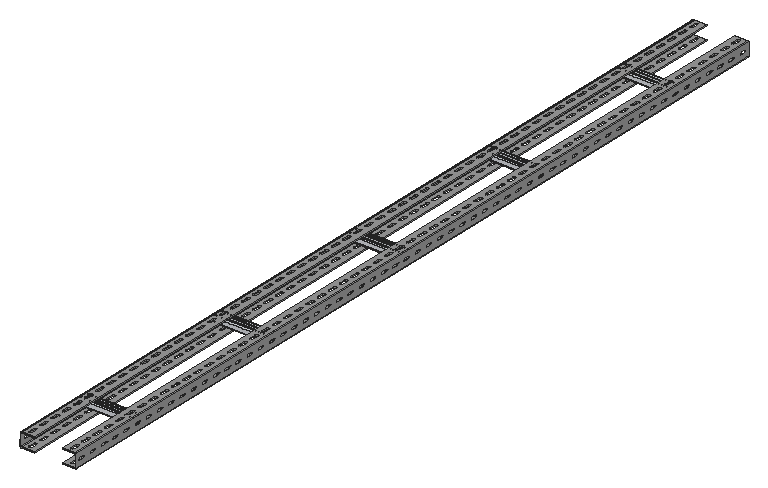
Revit family "steigeleiter_2_FT_FTSO_FTK_A2_A4.200rfa", category Generic Models, Revit 2017 (continued)
Automatic sketch dimensions
  Extrusion 233 sketch curve to Extrusion 233 sketch curve = 19 mm
  Extrusion 234 sketch curve to Extrusion 234 sketch curve = 19 mm
  Extrusion 235 sketch curve to Extrusion 235 sketch curve = 19 mm
  Extrusion 236 sketch curve to Extrusion 236 sketch curve = 19 mm
  Extrusion 237 sketch curve to Extrusion 237 sketch curve = 19 mm
  Extrusion 238 sketch curve to Extrusion 238 sketch curve = 19 mm
  Extrusion 239 sketch curve to Extrusion 239 sketch curve = 19 mm
  Extrusion 240 sketch curve to Extrusion 240 sketch curve = 19 mm
  Extrusion 241 sketch curve to Extrusion 241 sketch curve = 19 mm
  Extrusion 242 sketch curve to Extrusion 242 sketch curve = 19 mm
  Extrusion 243 sketch curve to Extrusion 243 sketch curve = 19 mm
  Extrusion 244 sketch curve to Extrusion 244 sketch curve = 19 mm
  Extrusion 245 sketch curve to Extrusion 245 sketch curve = 19 mm
  Extrusion 246 sketch curve to Extrusion 246 sketch curve = 19 mm
  Extrusion 247 sketch curve to Extrusion 247 sketch curve = 19 mm
  Extrusion 248 sketch curve to Extrusion 248 sketch curve = 19 mm
  Extrusion 249 sketch curve to Extrusion 249 sketch curve = 19 mm
  Extrusion 250 sketch curve to Extrusion 250 sketch curve = 19 mm
  Extrusion 251 sketch curve to Extrusion 251 sketch curve = 19 mm
  Extrusion 252 sketch curve to Extrusion 252 sketch curve = 19 mm
  Extrusion 253 sketch curve to Extrusion 253 sketch curve = 19 mm
  Extrusion 254 sketch curve to Extrusion 254 sketch curve = 19 mm
  Extrusion 255 sketch curve to Extrusion 255 sketch curve = 19 mm
  Extrusion 256 sketch curve to Extrusion 256 sketch curve = 19 mm
  Extrusion 257 sketch curve to Extrusion 257 sketch curve = 19 mm
  Extrusion 258 sketch curve to Extrusion 258 sketch curve = 19 mm
  Extrusion 259 sketch curve to Extrusion 259 sketch curve = 19 mm
  Extrusion 260 sketch curve to Extrusion 260 sketch curve = 19 mm
  Extrusion 261 sketch curve to Extrusion 261 sketch curve = 19 mm
  Extrusion 262 sketch curve to Extrusion 262 sketch curve = 19 mm
  Extrusion 263 sketch curve to Extrusion 263 sketch curve = 19 mm
  Extrusion 264 sketch curve to Extrusion 264 sketch curve = 19 mm
  Extrusion 265 sketch curve to Extrusion 265 sketch curve = 19 mm
  Extrusion 266 sketch curve to Extrusion 266 sketch curve = 19 mm
  Extrusion 267 sketch curve to Extrusion 267 sketch curve = 19 mm
  Extrusion 268 sketch curve to Extrusion 268 sketch curve = 19 mm
  Extrusion 269 sketch curve to Extrusion 269 sketch curve = 19 mm
  Extrusion 270 sketch curve to Extrusion 270 sketch curve = 19 mm
  Extrusion 271 sketch curve to Extrusion 271 sketch curve = 19 mm
  Extrusion 272 sketch curve to Extrusion 272 sketch curve = 19 mm
  Extrusion 273 sketch curve to Extrusion 273 sketch curve = 19 mm
  Extrusion 274 sketch curve to Extrusion 274 sketch curve = 19 mm
  Extrusion 275 sketch curve to Extrusion 275 sketch curve = 19 mm
  Extrusion 276 sketch curve to Extrusion 276 sketch curve = 19 mm
  Extrusion 277 sketch curve to Extrusion 277 sketch curve = 19 mm
  Extrusion 278 sketch curve to Extrusion 278 sketch curve = 19 mm
  Extrusion 279 sketch curve to Extrusion 279 sketch curve = 19 mm
  Extrusion 280 sketch curve to Extrusion 280 sketch curve = 19 mm
  Extrusion 281 sketch curve to Extrusion 281 sketch curve = 19 mm
  Extrusion 282 sketch curve to Extrusion 282 sketch curve = 19 mm
  Extrusion 283 sketch curve to Extrusion 283 sketch curve = 19 mm
  Extrusion 284 sketch curve to Extrusion 284 sketch curve = 19 mm
  Extrusion 285 sketch curve to Extrusion 285 sketch curve = 19 mm
  Extrusion 286 sketch curve to Extrusion 286 sketch curve = 19 mm
  Extrusion 287 sketch curve to Extrusion 287 sketch curve = 19 mm
  Extrusion 288 sketch curve to Extrusion 288 sketch curve = 19 mm
  Extrusion 289 sketch curve to Extrusion 289 sketch curve = 19 mm
  Extrusion 290 sketch curve to Extrusion 290 sketch curve = 19 mm
  Extrusion 291 sketch curve to Extrusion 291 sketch curve = 19 mm
  Extrusion 292 sketch curve to Extrusion 292 sketch curve = 19 mm
  Extrusion 293 sketch curve to Extrusion 293 sketch curve = 19 mm
  Extrusion 294 sketch curve to Extrusion 294 sketch curve = 19 mm
  Extrusion 295 sketch curve to Extrusion 295 sketch curve = 19 mm
  Extrusion 296 sketch curve to Extrusion 296 sketch curve = 19 mm
  Extrusion 297 sketch curve to Extrusion 297 sketch curve = 19 mm
  Extrusion 298 sketch curve to Extrusion 298 sketch curve = 19 mm
  Extrusion 299 sketch curve to Extrusion 299 sketch curve = 19 mm
  Extrusion 300 sketch curve to Extrusion 300 sketch curve = 19 mm
  Extrusion 301 sketch curve to Extrusion 301 sketch curve = 19 mm
  Extrusion 302 sketch curve to Extrusion 302 sketch curve = 19 mm
  Extrusion 303 sketch curve to Extrusion 303 sketch curve = 19 mm
  Extrusion 304 sketch curve to Extrusion 304 sketch curve = 19 mm
  Extrusion 305 sketch curve to Extrusion 305 sketch curve = 19 mm
  Extrusion 306 sketch curve to Extrusion 306 sketch curve = 19 mm
  Extrusion 307 sketch curve to Extrusion 307 sketch curve = 19 mm
  Extrusion 308 sketch curve to Extrusion 308 sketch curve = 19 mm
  Extrusion 309 sketch curve to Extrusion 309 sketch curve = 19 mm
  Extrusion 310 sketch curve to Extrusion 310 sketch curve = 19 mm
  Extrusion 311 sketch curve to Extrusion 311 sketch curve = 19 mm
  Extrusion 312 sketch curve to Extrusion 312 sketch curve = 19 mm
  Extrusion 313 sketch curve to Extrusion 313 sketch curve = 19 mm
  Extrusion 314 sketch curve to Extrusion 314 sketch curve = 19 mm
  Extrusion 315 sketch curve to Extrusion 315 sketch curve = 19 mm
  Extrusion 316 sketch curve to Extrusion 316 sketch curve = 19 mm
  Extrusion 317 sketch curve to Extrusion 317 sketch curve = 19 mm
  Extrusion 318 sketch curve to Extrusion 318 sketch curve = 19 mm
  Extrusion 319 sketch curve to Extrusion 319 sketch curve = 19 mm
  Extrusion 320 sketch curve to Extrusion 320 sketch curve = 19 mm
  Extrusion 321 sketch curve to Extrusion 321 sketch curve = 19 mm
  Extrusion 322 sketch curve to Extrusion 322 sketch curve = 19 mm
  Extrusion 323 sketch curve to Extrusion 323 sketch curve = 19 mm
  Extrusion 324 sketch curve to Extrusion 324 sketch curve = 19 mm
  Extrusion 325 sketch curve to Extrusion 325 sketch curve = 19 mm
  Extrusion 326 sketch curve to Extrusion 326 sketch curve = 19 mm
  Extrusion 327 sketch curve to Extrusion 327 sketch curve = 19 mm
  Extrusion 328 sketch curve to Extrusion 328 sketch curve = 19 mm
  Extrusion 329 sketch curve to Extrusion 329 sketch curve = 19 mm
  Extrusion 330 sketch curve to Extrusion 330 sketch curve = 19 mm
  Extrusion 331 sketch curve to Extrusion 331 sketch curve = 19 mm
  Extrusion 332 sketch curve to Extrusion 332 sketch curve = 19 mm
  Extrusion 333 sketch curve to Extrusion 333 sketch curve = 19 mm
  Extrusion 334 sketch curve to Extrusion 334 sketch curve = 19 mm
  Extrusion 335 sketch curve to Extrusion 335 sketch curve = 19 mm
  Extrusion 336 sketch curve to Extrusion 336 sketch curve = 19 mm
  Extrusion 337 sketch curve to Extrusion 337 sketch curve = 19 mm
  Extrusion 338 sketch curve to Extrusion 338 sketch curve = 19 mm
  Extrusion 339 sketch curve to Extrusion 339 sketch curve = 19 mm
  Extrusion 340 sketch curve to Extrusion 340 sketch curve = 19 mm
  Extrusion 341 sketch curve to Extrusion 341 sketch curve = 19 mm
  Extrusion 342 sketch curve to Extrusion 342 sketch curve = 19 mm
  Extrusion 343 sketch curve to Extrusion 343 sketch curve = 19 mm
  Extrusion 344 sketch curve to Extrusion 344 sketch curve = 19 mm
  Extrusion 345 sketch curve to Extrusion 345 sketch curve = 19 mm
  Extrusion 346 sketch curve to Extrusion 346 sketch curve = 19 mm
  Extrusion 347 sketch curve to Extrusion 347 sketch curve = 19 mm
  Extrusion 348 sketch curve to Extrusion 348 sketch curve = 19 mm
  Extrusion 349 sketch curve to Extrusion 349 sketch curve = 19 mm
  Extrusion 350 sketch curve to Extrusion 350 sketch curve = 19 mm
  Extrusion 351 sketch curve to Extrusion 351 sketch curve = 19 mm
  Extrusion 352 sketch curve to Extrusion 352 sketch curve = 19 mm
  Extrusion 353 sketch curve to Extrusion 353 sketch curve = 19 mm
  Extrusion 354 sketch curve to Extrusion 354 sketch curve = 19 mm
  Extrusion 355 sketch curve to Extrusion 355 sketch curve = 19 mm
  Extrusion 356 sketch curve to Extrusion 356 sketch curve = 19 mm
  Extrusion 357 sketch curve to Extrusion 357 sketch curve = 19 mm
  Extrusion 358 sketch curve to Extrusion 358 sketch curve = 19 mm
  Extrusion 359 sketch curve to Extrusion 359 sketch curve = 19 mm
  Extrusion 360 sketch curve to Extrusion 360 sketch curve = 19 mm
  Extrusion 361 sketch curve to Extrusion 361 sketch curve = 19 mm
  Extrusion 362 sketch curve to Extrusion 362 sketch curve = 0 mm  (x20)
  Extrusion 362 sketch curve to Extrusion 362 sketch curve = 2 mm  (x3)
  Extrusion 362 sketch curve to Extrusion 362 sketch curve = 5 mm
  Extrusion 362 sketch curve to Extrusion 362 sketch curve = 1.5 mm  (x2)
  Extrusion 362 sketch curve to Extrusion 362 sketch curve = 1 mm  (x2)
  Extrusion 362 sketch curve to Extrusion 362 sketch curve = 13 mm  (x2)
  Extrusion 363 sketch curve to Extrusion 363 sketch curve = 0 mm  (x20)
  Extrusion 363 sketch curve to Extrusion 363 sketch curve = 2 mm  (x3)
  Extrusion 363 sketch curve to Extrusion 363 sketch curve = 5 mm
  Extrusion 363 sketch curve to Extrusion 363 sketch curve = 1.5 mm  (x2)
  Extrusion 363 sketch curve to Extrusion 363 sketch curve = 1 mm  (x2)
  Extrusion 363 sketch curve to Extrusion 363 sketch curve = 13 mm  (x2)
  Extrusion 364 sketch curve to Extrusion 364 sketch curve = 0 mm  (x20)
  Extrusion 364 sketch curve to Extrusion 364 sketch curve = 2 mm  (x3)
  Extrusion 364 sketch curve to Extrusion 364 sketch curve = 5 mm
  Extrusion 364 sketch curve to Extrusion 364 sketch curve = 1.5 mm  (x2)
  Extrusion 364 sketch curve to Extrusion 364 sketch curve = 1 mm  (x2)
  Extrusion 364 sketch curve to Extrusion 364 sketch curve = 13 mm  (x2)
  Extrusion 365 sketch curve to Extrusion 365 sketch curve = 0 mm  (x20)
  Extrusion 365 sketch curve to Extrusion 365 sketch curve = 2 mm  (x3)
  Extrusion 365 sketch curve to Extrusion 365 sketch curve = 5 mm
  Extrusion 365 sketch curve to Extrusion 365 sketch curve = 1.5 mm  (x2)
  Extrusion 365 sketch curve to Extrusion 365 sketch curve = 1 mm  (x2)
  Extrusion 365 sketch curve to Extrusion 365 sketch curve = 13 mm  (x2)
  Extrusion 366 sketch curve to Extrusion 366 sketch curve = 0 mm  (x20)
  Extrusion 366 sketch curve to Extrusion 366 sketch curve = 2 mm  (x3)
  Extrusion 366 sketch curve to Extrusion 366 sketch curve = 5 mm
  Extrusion 366 sketch curve to Extrusion 366 sketch curve = 1.5 mm  (x2)
  Extrusion 366 sketch curve to Extrusion 366 sketch curve = 1 mm  (x2)
  Extrusion 366 sketch curve to Extrusion 366 sketch curve = 13 mm  (x2)
Types (3, lengths in mm): name | Material | Manufacturer Art.No. | GTIN | Article Type
  (no name) | Polyester / Epoxid | "6010568" | "4012196691319" | "SLM50C40 2FTK RW"
  SLM 50 C40 2 FT | Hot-dip galvanised | "6010466" | "4012196146116" | "SLM 50 C40 2 FT"
  SLM50C40 2FTK RW | Polyester / Epoxid | "6010568" | "4012196691319" | "SLM50C40 2FTK RW"
